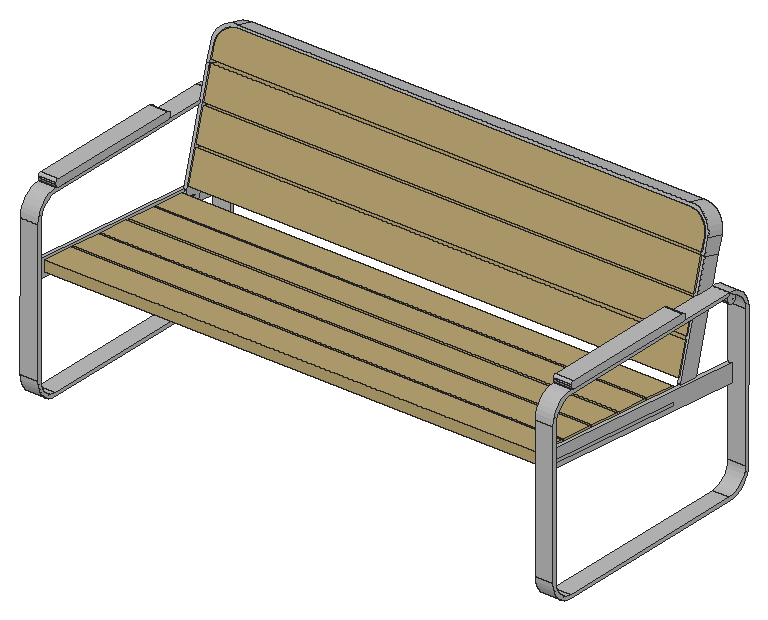
Revit family "L-FUR_벤치_YB-329_예건", category 일반 모델, Revit 2021
Family settings
  보강 철근 호스트 가능 = 아니오
  원형 커넥터 치수 = 지름 사용
  부품 유형 = 보통
  작업 기준면 기반 = 아니오
  항상 수직 = 예
  로드될 때 보이드를 사용하여 절단 = 아니오
  공유 = 아니오
  룸 계산 점 = 아니오
Parameters
  한국산업규격KS = ""
  조달청표준공사코드-세부공종 = "24141868"
  기본 입면도 = 0 mm
  건설정보분류체계-부위분류 = "E943"
  LIM_INFO_주의사항 = "재배포, 재가공, 판매 금지"
  LIM_INFO_제품업체 = "예건"
  LIM_INFO_제품번호 = "YF-16"
  LIM_INFO_제품명 = "펜스_YF-16"
  LIM_INFO_제작일 = "20230315"
  LIM_INFO_재료 = "Hardwood, STL-pipe, STL-plate"
  LIM_INFO_업체정보 = ""
  LIM_INFO_업체URL = "https://yekun.com/"
  LIM_INFO_업체TEL = "(+82)31-943-6114"
  LIM_INFO_업체EMAIL = "yekun@yekun.com"
  LIM_INFO_버전 = "2023_V01"
  LIM_INFO_기타정보 = ""
  LIM_INFO_규격 = "W2000 x H1800"
  LIM_INFO_가격 = 0
  LIM_INFO_PV_포장재여부 = yes
  LIM_INFO_PV_면적 = 0.00 m²
  KBIMS_식별-버전 = ""
  KBIMS_식별-bSK등록번호 = ""
  KBIMS_보급정보-저작자 = "림인포테크_MMJ"
  KBIMS_보급정보-보급코드 = ""
Reference planes
  plane 1 "중심(앞/뒤)": y = 0
  plane 2: z = 0
  plane 3 "중심(왼쪽/오른쪽)": x = 0
Dimensions and locks
  aligned and locked: level to plane 2
Nested families
  nested 1: "YB-329_base" at (0, 0, 0), type "YB-329_base"
Definition of nested family "YB-329_base"
  Parameters (values of type "YB-329_base")
    Default Elevation = 0 mm
  Reference planes
    plane 1 "중심(앞/뒤)": y = 0
    plane 2: z = 0
    plane 3 "중심(왼쪽/오른쪽)": x = 0
  Forms (mm)
    Extrusion 1, solid, detail levels fine
      sketch origin (1500, -1343.044, 184.142) x (0, -1, 0) y (0, 0, 1)
        loop
          arc (-1415.044, 341.003) -> (-1409.387, 343.346) -> (-1407.044, 349.003) r 8
          line (-1407.044, 349.003) -> (-1407.044, 353.003)
          arc (-1407.044, 353.003) -> (-1409.387, 358.66) -> (-1415.044, 361.003) r 8
          line (-1415.044, 361.003) -> (-1799.044, 361.003)
          arc (-1799.044, 361.003) -> (-1804.701, 358.66) -> (-1807.044, 353.003) r 8
          line (-1807.044, 353.003) -> (-1807.044, 349.003)
          arc (-1807.044, 349.003) -> (-1804.701, 343.346) -> (-1799.044, 341.003) r 8
          line (-1799.044, 341.003) -> (-1415.044, 341.003)
      from 0 to 50
    Extrusion 2, solid, detail levels fine
      sketch origin (1500, -1343.044, 184.142) x (0, -1, 0) y (0, 0, 1)
        loop
          arc (-1965.447, 341.003) -> (-2010.702, 322.258) -> (-2029.447, 277.003) r 64
          line (-2029.447, 277.003) -> (-2029.447, -120.142)
          arc (-2029.447, -120.142) -> (-2010.702, -165.397) -> (-1965.447, -184.142) r 64
          line (-1965.447, -184.142) -> (-1407.044, -184.142)
          arc (-1407.044, -184.142) -> (-1361.789, -165.397) -> (-1343.044, -120.142) r 64
          line (-1343.044, -120.142) -> (-1343.044, 277.003)
          arc (-1343.044, 277.003) -> (-1361.789, 322.258) -> (-1407.044, 341.003) r 64
          line (-1407.044, 341.003) -> (-1415.044, 341.003) -> (-1799.044, 341.003) -> (-1965.447, 341.003)
        loop
          line (-1407.044, 332.003) -> (-1685.995, 332.003) -> (-1965.447, 332.003)
          arc (-1965.447, 332.003) -> (-2004.338, 315.894) -> (-2020.447, 277.003) r 55
          line (-2020.447, 277.003) -> (-2020.447, -120.142)
          arc (-2020.447, -120.142) -> (-2004.338, -159.033) -> (-1965.447, -175.142) r 55
          line (-1965.447, -175.142) -> (-1407.044, -175.142)
          arc (-1407.044, -175.142) -> (-1368.153, -159.033) -> (-1352.044, -120.142) r 55
          line (-1352.044, -120.142) -> (-1352.044, 277.003)
          arc (-1352.044, 277.003) -> (-1368.153, 315.894) -> (-1407.044, 332.003) r 55
      from 0 to 50
    Extrusion 3, solid, detail levels fine
      sketch origin (1500, -1343.044, 184.142) x (0, -1, 0) y (0, 0, 1)
        loop
          line (-2020.447, 126.059) -> (-2020.447, 75.858) -> (-1352.044, 135.858) -> (-1352.044, 186.059) -> (-2020.447, 126.059)
      from 40 to 50
    Extrusion 4, solid, detail levels fine
      sketch origin (1500, -1343.044, 184.142) x (0, -1, 0) y (0, 0, 1)
        loop
          line (-1357.044, 185.61) -> (-1446.684, 177.563) -> (-1444.001, 147.683) -> (-1354.362, 155.73) -> (-1357.044, 185.61)
        loop
          line (-1541.609, 138.922) -> (-1451.969, 146.968) -> (-1454.652, 176.848) -> (-1544.291, 168.801) -> (-1541.609, 138.922)
        loop
          line (-1552.259, 168.086) -> (-1641.899, 160.04) -> (-1639.216, 130.16) -> (-1549.577, 138.206) -> (-1552.259, 168.086)
        loop
          line (-1736.824, 121.398) -> (-1647.184, 129.444) -> (-1649.867, 159.324) -> (-1739.506, 151.278) -> (-1736.824, 121.398)
        loop
          line (-1747.474, 150.562) -> (-1837.114, 142.516) -> (-1834.431, 112.636) -> (-1744.792, 120.683) -> (-1747.474, 150.562)
        loop
          line (-1858.847, 151.799) -> (-1883.651, 238.313) -> (-1912.489, 230.045) -> (-1887.685, 143.53) -> (-1858.847, 151.799)
        loop
          line (-1885.854, 246.004) -> (-1910.661, 332.517) -> (-1939.5, 324.249) -> (-1914.695, 237.735) -> (-1885.854, 246.004)
        loop
          line (-1912.865, 340.208) -> (-1937.672, 426.721) -> (-1966.51, 418.453) -> (-1941.706, 331.939) -> (-1912.865, 340.208)
      from 59 to 1441
    Extrusion 5, solid, detail levels fine
      sketch origin (1500, -1343.044, 184.142) x (0, -1, 0) y (0, 0, 1)
        loop
          line (-1373.745, 147.966) -> (-1374.282, 153.942) -> (-1814.512, 114.424) -> (-1813.975, 108.448) -> (-1373.745, 147.966)
      from 50 to 40
    Extrusion 6, solid, detail levels fine
      sketch origin (1500, -1343.044, 184.142) x (0, -1, 0) y (0, 0, 1)
        loop
          line (-1813.975, 108.448) -> (-1373.745, 147.966) -> (-1374.282, 153.942) -> (-1814.512, 114.424) -> (-1813.975, 108.448)
      from 50 to 90
    Extrusion 7, solid, detail levels fine
      sketch origin (1500, -1343.044, 184.142) x (0, -1, 0) y (0, 0, 1)
        loop
          line (-1937.672, 426.721) -> (-1985.736, 412.941) -> (-1906.42, 136.295) -> (-1898.601, 109.023)
          arc (-1898.601, 109.023) -> (-1867.679, 91.882) -> (-1850.537, 122.803) r 25
          line (-1850.537, 122.803) -> (-1855.71, 140.846) -> (-1937.672, 426.721)
        loop
          line (-1876.266, 117.61) -> (-1876.969, 115.913) -> (-1876.266, 114.216) -> (-1874.569, 113.513) -> (-1872.872, 114.216) -> (-1872.169, 115.913) -> (-1872.872, 117.61) -> (-1874.569, 118.313) -> (-1876.266, 117.61)
        loop
          line (-1881.688, 118.272) -> (-1881.271, 112.547) -> (-1876.928, 108.794) -> (-1871.203, 109.211) -> (-1867.45, 113.554) -> (-1867.867, 119.279) -> (-1872.21, 123.033) -> (-1877.935, 122.616) -> (-1881.688, 118.272)
      from 50 to 59
    Extrusion 8, solid, detail levels fine
      sketch origin (1500, -1343.044, 184.142) x (0, -1, 0) y (0, 0, 1)
        loop
          line (-1973.319, 322.606) -> (-1973.069, 320.709) -> (-1971.551, 319.544) -> (-1969.654, 319.794) -> (-1968.489, 321.312) -> (-1968.739, 323.209) -> (-1970.257, 324.374) -> (-1972.154, 324.124) -> (-1973.319, 322.606)
        loop
          arc (-1975.716, 311.653) -> (-1965.094, 312.258) -> (-1958.905, 320.911) r 12.319
          line (-1958.905, 320.911) -> (-1956.13, 332.003) -> (-1965.121, 340.994) -> (-1977.943, 330.894)
          arc (-1977.943, 330.894) -> (-1982.203, 320.652) -> (-1975.716, 311.653) r 11.374
      from 0 to 58
    Extrusion 9, solid, detail levels fine
      sketch origin (-265.607, 177.419, -844.154) x (1, 0, 0) y (0, -0.275637, -0.961262)
        loop
          line (1691.532, -1591.652) -> (1694.408, -1591.652)
          arc (1694.408, -1591.652) -> (1703.395, -1576.957) -> (1706.53, -1560.019) r 47.337
          line (1706.53, -1560.019) -> (1706.53, -1541.498) -> (1706.53, -1247.652) -> (1704.612, -1247.652) -> (1691.532, -1247.652)
          arc (1691.532, -1247.652) -> (1680.925, -1252.046) -> (1676.532, -1262.652) r 15
          line (1676.532, -1262.652) -> (1676.532, -1576.652)
          arc (1676.532, -1576.652) -> (1680.925, -1587.259) -> (1691.532, -1591.652) r 15
      from 36 to 30
    Extrusion 10, solid, detail levels fine
      sketch origin (1500, 0, 0) x (0, -1, 0) y (0, 0, 1)
        loop
          line (-642.681, 597.046) -> (-563.376, 320.437) -> (-555.557, 293.166)
          arc (-555.557, 293.166) -> (-524.635, 276.024) -> (-507.493, 306.946) r 25
          line (-507.493, 306.946) -> (-512.666, 324.989) -> (-594.618, 610.828) -> (-642.681, 597.046)
        loop
          circle (-531.525, 300.056) r 2.217
        loop
          circle (-531.525, 300.056) r 7.5
      from 50 to 59
    Extrusion 11, solid, detail levels fine
      sketch origin (0, -1343.044, 184.142) x (0, -1, 0) y (0, 0, -1)
        loop
          line (-1415.044, -341.003) -> (-1799.044, -341.003)
          arc (-1799.044, -341.003) -> (-1804.701, -343.346) -> (-1807.044, -349.003) r 8
          line (-1807.044, -349.003) -> (-1807.044, -353.003)
          arc (-1807.044, -353.003) -> (-1804.701, -358.66) -> (-1799.044, -361.003) r 8
          line (-1799.044, -361.003) -> (-1415.044, -361.003)
          arc (-1415.044, -361.003) -> (-1409.387, -358.66) -> (-1407.044, -353.003) r 8
          line (-1407.044, -353.003) -> (-1407.044, -349.003)
          arc (-1407.044, -349.003) -> (-1409.387, -343.346) -> (-1415.044, -341.003) r 8
      from 0 to 50
    Extrusion 12, solid, detail levels fine
      sketch origin (0, -1343.044, 184.142) x (0, -1, 0) y (0, 0, -1)
        loop
          line (-1965.447, -341.003) -> (-1799.044, -341.003) -> (-1415.044, -341.003) -> (-1407.044, -341.003)
          arc (-1407.044, -341.003) -> (-1361.789, -322.258) -> (-1343.044, -277.003) r 64
          line (-1343.044, -277.003) -> (-1343.044, 120.142)
          arc (-1343.044, 120.142) -> (-1361.789, 165.397) -> (-1407.044, 184.142) r 64
          line (-1407.044, 184.142) -> (-1965.447, 184.142)
          arc (-1965.447, 184.142) -> (-2010.702, 165.397) -> (-2029.447, 120.142) r 64
          line (-2029.447, 120.142) -> (-2029.447, -277.003)
          arc (-2029.447, -277.003) -> (-2010.702, -322.258) -> (-1965.447, -341.003) r 64
        loop
          arc (-1407.044, -332.003) -> (-1368.153, -315.894) -> (-1352.044, -277.003) r 55
          line (-1352.044, -277.003) -> (-1352.044, 120.142)
          arc (-1352.044, 120.142) -> (-1368.153, 159.033) -> (-1407.044, 175.142) r 55
          line (-1407.044, 175.142) -> (-1965.447, 175.142)
          arc (-1965.447, 175.142) -> (-2004.338, 159.033) -> (-2020.447, 120.142) r 55
          line (-2020.447, 120.142) -> (-2020.447, -277.003)
          arc (-2020.447, -277.003) -> (-2004.338, -315.894) -> (-1965.447, -332.003) r 55
          line (-1965.447, -332.003) -> (-1685.995, -332.003) -> (-1407.044, -332.003)
      from 0 to 50
    Extrusion 13, solid, detail levels fine
      sketch origin (0, -1343.044, 184.142) x (0, -1, 0) y (0, 0, -1)
        loop
          line (-2020.447, -126.059) -> (-1352.044, -186.059) -> (-1352.044, -135.858) -> (-2020.447, -75.858) -> (-2020.447, -126.059)
      from 40 to 50
    Extrusion 14, solid, detail levels fine
      sketch origin (0, -1343.044, 184.142) x (0, -1, 0) y (0, 0, -1)
        loop
          line (-1373.745, -147.966) -> (-1813.975, -108.448) -> (-1814.512, -114.424) -> (-1374.282, -153.942) -> (-1373.745, -147.966)
      from 50 to 40
    Extrusion 15, solid, detail levels fine
      sketch origin (0, -1343.044, 184.142) x (0, -1, 0) y (0, 0, -1)
        loop
          line (-1813.975, -108.448) -> (-1814.512, -114.424) -> (-1374.282, -153.942) -> (-1373.745, -147.966) -> (-1813.975, -108.448)
      from 50 to 90
    Extrusion 16, solid, detail levels fine
      sketch origin (0, -1343.044, 184.142) x (0, -1, 0) y (0, 0, -1)
        loop
          line (-1937.672, -426.721) -> (-1855.71, -140.846) -> (-1850.537, -122.803)
          arc (-1850.537, -122.803) -> (-1867.679, -91.882) -> (-1898.601, -109.023) r 25
          line (-1898.601, -109.023) -> (-1906.42, -136.295) -> (-1985.736, -412.941) -> (-1937.672, -426.721)
        loop
          line (-1876.266, -117.61) -> (-1874.569, -118.313) -> (-1872.872, -117.61) -> (-1872.169, -115.913) -> (-1872.872, -114.216) -> (-1874.569, -113.513) -> (-1876.266, -114.216) -> (-1876.969, -115.913) -> (-1876.266, -117.61)
        loop
          line (-1881.688, -118.272) -> (-1877.935, -122.616) -> (-1872.21, -123.033) -> (-1867.867, -119.279) -> (-1867.45, -113.554) -> (-1871.203, -109.211) -> (-1876.928, -108.794) -> (-1881.271, -112.547) -> (-1881.688, -118.272)
      from 50 to 59
    Extrusion 17, solid, detail levels fine
      sketch origin (0, -1343.044, 184.142) x (0, -1, 0) y (0, 0, -1)
        loop
          line (-1973.319, -322.606) -> (-1972.154, -324.124) -> (-1970.257, -324.374) -> (-1968.739, -323.209) -> (-1968.489, -321.312) -> (-1969.654, -319.794) -> (-1971.551, -319.544) -> (-1973.069, -320.709) -> (-1973.319, -322.606)
        loop
          arc (-1975.716, -311.653) -> (-1982.203, -320.652) -> (-1977.943, -330.894) r 11.374
          line (-1977.943, -330.894) -> (-1965.121, -340.994) -> (-1956.13, -332.003) -> (-1958.905, -320.911)
          arc (-1958.905, -320.911) -> (-1965.094, -312.258) -> (-1975.716, -311.653) r 12.319
      from 0 to 58
    Extrusion 18, solid, detail levels fine
      sketch origin (1765.607, 177.419, -844.154) x (-1, 0, 0) y (0, 0.275637, 0.961262)
        loop
          arc (1691.532, 1591.652) -> (1680.925, 1587.259) -> (1676.532, 1576.652) r 15
          line (1676.532, 1576.652) -> (1676.532, 1262.652)
          arc (1676.532, 1262.652) -> (1680.925, 1252.046) -> (1691.532, 1247.652) r 15
          line (1691.532, 1247.652) -> (1704.612, 1247.652) -> (1706.607, 1247.652) -> (1706.607, 1541.498) -> (1706.607, 1560.019)
          arc (1706.607, 1560.019) -> (1703.472, 1576.957) -> (1694.485, 1591.652) r 47.337
          line (1694.485, 1591.652) -> (1691.532, 1591.652)
      from 36 to 30
    Extrusion 19, solid, detail levels fine
      sketch origin (0, 0, 0) x (0, -1, 0) y (0, 0, -1)
        loop
          line (-642.681, -597.046) -> (-594.618, -610.828) -> (-512.666, -324.989) -> (-507.493, -306.946)
          arc (-507.493, -306.946) -> (-524.635, -276.024) -> (-555.557, -293.166) r 25
          line (-555.557, -293.166) -> (-563.376, -320.437) -> (-642.681, -597.046)
        loop
          circle (-531.525, -300.056) r 2.217
        loop
          circle (-531.525, -300.056) r 7.5
      from 50 to 59
    Extrusion 20, solid, detail levels fine
      sketch origin (2016.437, 243.796, -612.632) x (-1, 0, 0) y (0, 0.275637, 0.961262)
        loop
          line (566.437, 1272.803) -> (575.437, 1272.803) -> (575.437, 1315.804)
          arc (575.437, 1315.804) -> (591.546, 1354.695) -> (630.437, 1370.804) r 55
          line (630.437, 1370.804) -> (1902.437, 1370.804)
          arc (1902.437, 1370.804) -> (1941.327, 1354.695) -> (1957.437, 1315.804) r 55
          line (1957.437, 1315.804) -> (1957.437, 1272.803) -> (1966.437, 1272.803) -> (1966.437, 1315.804)
          arc (1966.437, 1315.804) -> (1947.691, 1361.059) -> (1902.437, 1379.804) r 64
          line (1902.437, 1379.804) -> (630.437, 1379.804)
          arc (630.437, 1379.804) -> (585.182, 1361.059) -> (566.437, 1315.804) r 64
          line (566.437, 1315.804) -> (566.437, 1272.803)
      from 0 to 50
    Extrusion 21, solid, detail levels fine
      sketch origin (2016.437, 243.796, -612.632) x (-1, 0, 0) y (0, 0.275637, 0.961262)
        loop
          line (1957.437, 1280.804) -> (1957.437, 1315.804)
          arc (1957.437, 1315.804) -> (1941.327, 1354.695) -> (1902.437, 1370.804) r 55
          line (1902.437, 1370.804) -> (630.437, 1370.804)
          arc (630.437, 1370.804) -> (591.546, 1354.695) -> (575.437, 1315.804) r 55
          line (575.437, 1315.804) -> (575.437, 1280.804) -> (1957.437, 1280.804)
      from 0 to 30
    Extrusion 22, solid, detail levels fine
      sketch origin (2553.848, 4916.567, -106.518) x (-1, 0, 0) y (0, -0.995994, 0.089416)
        loop
          line (1778.848, 4888.269) -> (1778.848, 4834.025) -> (1778.848, 4828.74) -> (1778.848, 4736.418) -> (1778.848, 4731.132) -> (1778.848, 4638.81) -> (1778.848, 4633.524) -> (1778.848, 4541.203) -> (1778.848, 4535.917) -> (1778.848, 4478.455)
          spline (1778.848, 4478.455) -> (1778.977, 4476.505) -> (1779.36, 4474.588) -> (1779.99, 4472.738) -> (1780.858, 4470.985) -> (1781.948, 4469.36) -> (1783.242, 4467.891) -> (1784.717, 4466.602) -> (1786.348, 4465.517) -> (1788.108, 4464.652) -> (1789.966, 4464.024) -> (1791.891, 4463.643) -> (1793.848, 4463.515)
          line (1793.848, 4463.515) -> (1813.848, 4463.515)
          spline (1813.848, 4463.515) -> (1815.806, 4463.643) -> (1817.731, 4464.024) -> (1819.589, 4464.652) -> (1821.348, 4465.517) -> (1822.98, 4466.602) -> (1824.455, 4467.891) -> (1825.749, 4469.36) -> (1826.839, 4470.985) -> (1827.707, 4472.738) -> (1828.337, 4474.588) -> (1828.72, 4476.505) -> (1828.848, 4478.455)
          line (1828.848, 4478.455) -> (1828.848, 4535.917) -> (1828.848, 4541.203) -> (1828.848, 4633.524) -> (1828.848, 4638.81) -> (1828.848, 4731.132) -> (1828.848, 4736.418) -> (1828.848, 4828.74) -> (1828.848, 4834.025) -> (1828.848, 4888.269)
          spline (1828.848, 4888.269) -> (1828.72, 4890.219) -> (1828.337, 4892.135) -> (1827.707, 4893.986) -> (1826.839, 4895.739) -> (1825.749, 4897.363) -> (1824.455, 4898.833) -> (1822.98, 4900.121) -> (1821.348, 4901.207) -> (1819.589, 4902.071) -> (1817.731, 4902.699) -> (1815.806, 4903.081) -> (1813.848, 4903.208)
          line (1813.848, 4903.208) -> (1793.848, 4903.208)
          spline (1793.848, 4903.208) -> (1791.891, 4903.081) -> (1789.966, 4902.699) -> (1788.108, 4902.071) -> (1786.348, 4901.207) -> (1784.717, 4900.121) -> (1783.242, 4898.833) -> (1781.948, 4897.363) -> (1780.858, 4895.739) -> (1779.99, 4893.986) -> (1779.36, 4892.135) -> (1778.977, 4890.219) -> (1778.848, 4888.269)
      from 0 to 6
    Extrusion 23, solid, detail levels coarse+medium
      sketch origin (1500, -1343.044, 184.142) x (0, -1, 0) y (0, 0, 1)
        loop
          line (-2029.447, 341.003) -> (-2029.447, -184.142) -> (-1343.044, -184.142) -> (-1343.044, 341.003) -> (-1799.044, 341.003) -> (-2029.447, 341.003)
        loop
          line (-1352.044, -175.142) -> (-1352.044, 332.003) -> (-2020.447, 332.003) -> (-2020.447, -175.142) -> (-1352.044, -175.142)
      from 0 to 50
    Extrusion 24, solid, detail levels coarse+medium
      sketch origin (1500, -1343.044, 184.142) x (0, -1, 0) y (0, 0, 1)
        loop
          line (-2020.447, 126.059) -> (-2020.447, 75.858) -> (-1352.044, 135.858) -> (-1352.044, 186.059) -> (-2020.447, 126.059)
      from 40 to 50
    Extrusion 25, solid, detail levels coarse+medium
      sketch origin (1500, -1343.044, 184.142) x (0, -1, 0) y (0, 0, 1)
        loop
          line (-1357.044, 185.61) -> (-1613.149, 162.62) -> (-1837.114, 142.516) -> (-1834.431, 112.636) -> (-1600.847, 133.604) -> (-1354.362, 155.73) -> (-1357.044, 185.61)
        loop
          line (-1858.847, 151.799) -> (-1900.644, 297.589) -> (-1964.767, 521.214) -> (-1993.602, 512.947) -> (-1928.191, 284.814) -> (-1887.685, 143.53) -> (-1858.847, 151.799)
      from 59 to 1441
    Extrusion 26, solid, detail levels coarse+medium
      sketch origin (1500, -1343.044, 184.142) x (0, -1, 0) y (0, 0, 1)
        loop
          line (-1373.745, 147.966) -> (-1374.282, 153.942) -> (-1814.512, 114.424) -> (-1813.975, 108.448) -> (-1373.745, 147.966)
      from 50 to 40
    Extrusion 27, solid, detail levels coarse+medium
      sketch origin (1500, -1343.044, 184.142) x (0, -1, 0) y (0, 0, 1)
        loop
          line (-1813.975, 108.448) -> (-1373.745, 147.966) -> (-1374.282, 153.942) -> (-1814.512, 114.424) -> (-1813.975, 108.448)
      from 50 to 90
    Extrusion 28, solid, detail levels coarse+medium
      sketch origin (1500, 0, 0) x (0, -1, 0) y (0, 0, 1)
        loop
          line (-672.181, 699.94) -> (-549.344, 271.495) -> (-498.634, 276.047) -> (-624.118, 713.722) -> (-672.181, 699.94)
      from 50 to 59
    Extrusion 29, solid, detail levels coarse+medium
      sketch origin (0, -1343.044, 184.142) x (0, -1, 0) y (0, 0, -1)
        loop
          line (-2020.447, -126.059) -> (-1352.044, -186.059) -> (-1352.044, -135.858) -> (-2020.447, -75.858) -> (-2020.447, -126.059)
      from 40 to 50
    Extrusion 30, solid, detail levels coarse+medium
      sketch origin (0, -1343.044, 184.142) x (0, -1, 0) y (0, 0, -1)
        loop
          line (-1373.745, -147.966) -> (-1813.975, -108.448) -> (-1814.512, -114.424) -> (-1374.282, -153.942) -> (-1373.745, -147.966)
      from 50 to 40
    Extrusion 31, solid, detail levels coarse+medium
      sketch origin (0, -1343.044, 184.142) x (0, -1, 0) y (0, 0, -1)
        loop
          line (-1813.975, -108.448) -> (-1814.512, -114.424) -> (-1374.282, -153.942) -> (-1373.745, -147.966) -> (-1813.975, -108.448)
      from 50 to 90
    Extrusion 32, solid, detail levels coarse+medium
      sketch origin (0, -1343.044, 184.142) x (0, -1, 0) y (0, 0, -1)
        loop
          line (-1964.681, -520.927) -> (-1841.678, -91.905) -> (-1892.388, -87.353) -> (-2012.745, -507.147) -> (-1964.681, -520.927)
      from 50 to 59
    Extrusion 33, solid, detail levels coarse+medium
      sketch origin (-2300, 0, 0) x (0, 1, 0) y (0, 0, 1)
        loop
          line (672.181, 699.94) -> (624.118, 713.722) -> (621.637, 705.069) -> (669.701, 691.289) -> (672.181, 699.94)
      from 2350 to 3741
    Extrusion 34, solid, detail levels coarse+medium
      sketch origin (50, -1343.044, 184.142) x (0, -1, 0) y (0, 0, 1)
        loop
          line (-2029.447, 341.003) -> (-2029.447, -184.142) -> (-1343.044, -184.142) -> (-1343.044, 341.003) -> (-1799.044, 341.003) -> (-2029.447, 341.003)
        loop
          line (-1352.044, -175.142) -> (-1352.044, 332.003) -> (-2020.447, 332.003) -> (-2020.447, -175.142) -> (-1352.044, -175.142)
      from 0 to 50
  Dimensions and locks
    aligned and locked: level to plane 2
